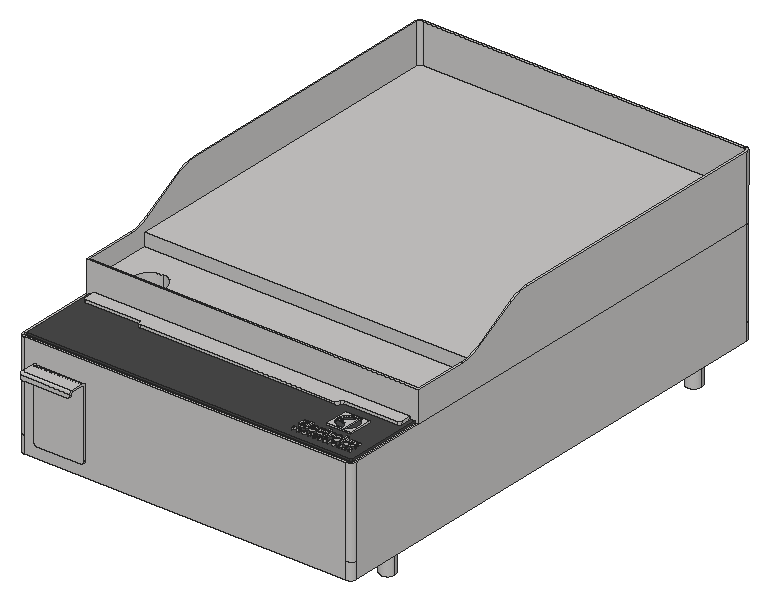
Revit family "QF_ELECTROLUXPROFESSIONAL_600886_E1IREEOMCS", category Specialty Equipment, Revit 2018 (continued)
Automatic sketch dimensions
  curve 250 to curve 250 = 0.8 mm
  curve 266 to curve 270 = 1.202 mm
  curve 255 to curve 259 = 1.202 mm
  curve 255 to curve 257 = 0.112 mm
  curve 266 to curve 268 = 0.112 mm
  curve 292 to curve 301 = 1.265 mm
  curve 209 to curve 210 = 0.543 mm
  curve 219 to curve 223 = 0.018 mm
  curve 210 to curve 206 = 0.022 mm
  curve 290 to curve 285 = 1.444 mm
  curve 248 to curve 247 = 0.8 mm
  curve 236 to curve 233 = 0.8 mm
  curve 227 to curve 219 = 0.261 mm
  curve 282 to curve 281 = 1.969 mm
  curve 258 to curve 259 = 0.061 mm
  curve 269 to curve 270 = 0.061 mm
  curve 258 to curve 256 = 0.035 mm
  curve 269 to curve 267 = 0.035 mm
  curve 300 to curve 301 = 1.018 mm
  curve 247 to curve 245 = 0.8 mm
  curve 234 to curve 231 = 0.8 mm
  curve 284 to curve 289 = 1.076 mm
  curve 244 to curve 244 = 0.134 mm
  curve 244 to curve 240 = 0.112 mm
  curve 253 to curve 260 = 0.324 mm
  curve 264 to curve 271 = 0.324 mm
  curve 300 to curve 295 = 0.767 mm
  curve 307 to curve 306 = 3.091 mm
  curve 278 to curve 274 = 1.922 mm
  curve 231 to curve 229 = 1.491 mm
  curve 218 to curve 218 = 1.661 mm
  curve 214 to curve 213 = 1.341 mm
  curve 305 to curve 305 = 0.8 mm
  curve 284 to curve 282 = 2.447 mm
  curve 289 to curve 285 = 1.371 mm
  curve 204 to curve 202 = 1.319 mm
  curve 295 to curve 298 = 0.84 mm
  curve 294 to curve 292 = 0.84 mm
  curve 252 to curve 254 = 3.506 mm
  curve 263 to curve 265 = 3.506 mm
  curve 278 to curve 278 = 2.065 mm
  curve 278 to curve 281 = 0.776 mm
  curve 171 to curve 167 = 1.19 mm
  curve 166 to curve 169 = 1.912 mm
  curve 265 to curve 267 = 0.355 mm
  curve 263 to curve 272 = 0.263 mm
  curve 266 to curve 267 = 0 mm
  curve 253 to curve 256 = 0.355 mm
  curve 252 to curve 261 = 0.263 mm
  curve 255 to curve 256 = 0 mm
  curve 138 to curve 139 = 1.111 mm
  curve 227 to curve 225 = 2.065 mm
  curve 227 to curve 226 = 0.776 mm
  curve 139 to curve 132 = 1.055 mm
  plane 12 to curve 36 = 84 mm
  curve 310 to curve 309 = 19 mm
  plane 12 to curve 311 = 2 mm
  plane 13 to curve 312 = 6 mm
  curve 312 to curve 312 = 22 mm
  curve 313 to curve 312 = 60 mm
  Extrusion 11 sketch curve to Extrusion 11 sketch curve = 80 mm
  plane 19 to Extrusion 11 sketch curve = 38 mm
  radius of Extrusion 5 sketch curve = 9 mm  (x4)
  radius of Extrusion 6 sketch curve = 10 mm
  radius of Extrusion 14 sketch curve = 19 mm
Nested families
  nested 1: "ELX_Logo_Professional" at (-364.269, -185.263, 916), visible <- "Show Logo", type "ELX_Logo_Professional"
Connectors
  electrical at (-442.269, 179.737, 778.028)
    settings: on Extrusion 6, index 1, voltage 0 V, apparent load 0 VA, apparent load phase1 0 VA, apparent load phase2 0 VA, apparent load phase3 0 VA, power factor 1, load classification "Altro", number of poles 1, system type 30, power factor state 1, is connector primary yes, connector utility no, sub classification motor no, connector description "Electrical"
Definition of nested family "ELX_Logo_Professional"
  Parameters (values of type "ELX_Logo_Professional")
    Default Elevation = 0 mm
  Reference planes
    plane 1 "Centro (Fronte/Retro)": y = 0
    plane 2: z = 0
    plane 3 "Centro (Sinistra/Destra)": x = 0
  Forms (mm)
    Extrusion 1, solid
      sketch origin (0, 0, 0) x (1, 0, 0) y (0, 1, 0)
        loop
          line (-1219.2, 1219.2) -> (-1219.2, -1219.2) -> (1219.2, -1219.2) -> (1219.2, 1219.2) -> (-1219.2, 1219.2)
      from 0 to -304.8
    Extrusion 2, solid
      sketch origin (-144.622, -1081.55, 0) x (-1, 0, 0) y (0, -1, 0)
        loop
          line (-130.265, -1113.361) -> (-130.265, -1084.645) -> (-158.979, -1084.645) -> (-158.979, -1113.361) -> (-130.265, -1113.361)
        loop
          arc (-146.24, -1106.937) -> (-147.076, -1109.166) -> (-147.324, -1111.534) r 9.395
          arc (-147.324, -1111.534) -> (-145.139, -1111.806) -> (-142.939, -1111.706) r 13.008
          line (-142.939, -1111.706) -> (-141.329, -1111.382) -> (-139.8, -1110.859) -> (-138.364, -1110.152) -> (-137.035, -1109.277) -> (-135.826, -1108.249) -> (-134.751, -1107.081) -> (-133.821, -1105.789) -> (-133.05, -1104.389) -> (-132.452, -1102.893) -> (-132.039, -1101.318) -> (-131.824, -1099.675) -> (-134.539, -1099.675) -> (-136.155, -1099.784) -> (-137.741, -1100.101) -> (-139.277, -1100.613) -> (-140.74, -1101.304) -> (-142.111, -1102.159) -> (-143.367, -1103.165) -> (-144.488, -1104.306) -> (-145.453, -1105.568) -> (-146.24, -1106.937)
        loop
          line (-148.67, -1086.844) -> (-150.173, -1087.464) -> (-151.57, -1088.253) -> (-152.847, -1089.196) -> (-153.992, -1090.281) -> (-154.994, -1091.494) -> (-155.841, -1092.821) -> (-156.519, -1094.25) -> (-157.018, -1095.766) -> (-157.324, -1097.357) -> (-157.427, -1099.009) -> (-157.315, -1100.685) -> (-156.998, -1102.296) -> (-156.488, -1103.827) -> (-155.799, -1105.265) -> (-154.946, -1106.596) -> (-153.94, -1107.806) -> (-152.796, -1108.882) -> (-151.528, -1109.81) -> (-150.148, -1110.576) -> (-148.67, -1111.167) -> (-148.67, -1086.844)
        loop
          arc (-147.323, -1086.473) -> (-147.041, -1088.83) -> (-146.239, -1091.065) r 10.532
          line (-146.239, -1091.065) -> (-145.452, -1092.432) -> (-144.488, -1093.693) -> (-143.367, -1094.833) -> (-142.111, -1095.838) -> (-140.741, -1096.693) -> (-139.278, -1097.383) -> (-137.743, -1097.894) -> (-136.157, -1098.211) -> (-134.541, -1098.32) -> (-131.822, -1098.32) -> (-131.976, -1096.81) -> (-132.312, -1095.353) -> (-132.818, -1093.961) -> (-133.481, -1092.644) -> (-134.291, -1091.416) -> (-135.235, -1090.288) -> (-136.302, -1089.272) -> (-137.48, -1088.379) -> (-138.757, -1087.622) -> (-140.121, -1087.012) -> (-141.56, -1086.561) -> (-143.063, -1086.281) -> (-144.633, -1086.183)
          arc (-144.633, -1086.183) -> (-145.985, -1086.264) -> (-147.323, -1086.473) r 14.39
        loop
          line (-111.329, -1069.559) -> (-111.329, -1071.073) -> (-116.048, -1071.073) -> (-116.048, -1072.896) -> (-111.328, -1072.896) -> (-111.328, -1075.549) -> (-116.349, -1075.549) -> (-116.349, -1077.368) -> (-109.396, -1077.368) -> (-109.396, -1073.46) -> (-109.396, -1069.659)
          arc (-109.396, -1069.659) -> (-110.425, -1067.175) -> (-112.909, -1066.146) r 3.513
          line (-112.909, -1066.146) -> (-116.483, -1066.146) -> (-116.483, -1067.963) -> (-112.925, -1067.963)
          arc (-112.925, -1067.963) -> (-111.797, -1068.431) -> (-111.329, -1069.559) r 1.596
        loop
          line (-119.79, -1077.358) -> (-117.856, -1077.358) -> (-117.856, -1072.053) -> (-117.856, -1066.132) -> (-119.79, -1066.132) -> (-119.79, -1072.092) -> (-119.79, -1077.358)
        loop
          line (-122.986, -1069.718) -> (-129.327, -1069.718)
          arc (-129.327, -1069.718) -> (-129.219, -1071.449) -> (-128.497, -1073.026) r 4.757
          arc (-128.497, -1073.026) -> (-125.237, -1074.5) -> (-121.978, -1073.026) r 4.34
          arc (-121.978, -1073.026) -> (-121.072, -1070.207) -> (-121.978, -1067.388) r 4.838
          arc (-121.978, -1067.388) -> (-125.393, -1065.933) -> (-128.809, -1067.388) r 4.737
          line (-128.809, -1067.388) -> (-127.645, -1068.52)
          arc (-127.645, -1068.52) -> (-125.509, -1067.576) -> (-123.374, -1068.52) r 2.888
          arc (-123.374, -1068.52) -> (-123.05, -1069.077) -> (-122.986, -1069.718) r 1.527
        loop
          arc (-127.386, -1071.076) -> (-126.67, -1072.331) -> (-125.331, -1072.872) r 2.201
          arc (-125.331, -1072.872) -> (-123.848, -1072.402) -> (-123.033, -1071.076) r 2.23
          line (-123.033, -1071.076) -> (-127.386, -1071.076)
        loop
          line (-136.862, -1071.886) -> (-138.059, -1073.132)
          arc (-138.059, -1073.132) -> (-130.327, -1070.219) -> (-138.059, -1067.306) r 4.415
          line (-138.059, -1067.306) -> (-136.862, -1068.553)
          arc (-136.862, -1068.553) -> (-132.252, -1070.22) -> (-136.862, -1071.886) r 2.606
        loop
          line (-141.192, -1069.673) -> (-141.192, -1072.494) -> (-142.951, -1072.494) -> (-142.951, -1074.25) -> (-141.195, -1074.25) -> (-141.195, -1077.358) -> (-139.262, -1077.358) -> (-139.262, -1073.332) -> (-139.262, -1069.514)
          arc (-139.262, -1069.514) -> (-140.299, -1066.92) -> (-142.98, -1066.132) r 3.196
          line (-142.98, -1066.132) -> (-142.987, -1067.949)
          arc (-142.987, -1067.949) -> (-141.652, -1068.356) -> (-141.192, -1069.673) r 1.542
        loop
          line (-146.494, -1073.042) -> (-146.494, -1074.25) -> (-144.576, -1074.25) -> (-144.576, -1070.271) -> (-144.576, -1066.132) -> (-146.494, -1066.132) -> (-146.494, -1070.401)
          arc (-146.494, -1070.401) -> (-147.446, -1072.228) -> (-149.489, -1072.494) r 2.229
          line (-149.489, -1072.494) -> (-149.489, -1074.362)
          arc (-149.489, -1074.362) -> (-147.761, -1074.226) -> (-146.494, -1073.042) r 2.627
        loop
          line (-159.833, -1072.246) -> (-159.833, -1066.131) -> (-161.767, -1066.131) -> (-161.767, -1072.17) -> (-161.767, -1077.359) -> (-159.833, -1077.359) -> (-159.833, -1072.246)
        loop
          line (-165.194, -1069.514) -> (-165.194, -1074.25) -> (-163.245, -1074.25) -> (-163.245, -1071.898) -> (-163.245, -1069.098)
          arc (-163.245, -1069.098) -> (-166.96, -1065.769) -> (-170.687, -1069.085) r 3.745
          line (-170.687, -1069.085) -> (-170.687, -1071.898) -> (-170.687, -1074.25) -> (-168.739, -1074.25) -> (-168.739, -1069.514)
          arc (-168.739, -1069.514) -> (-166.967, -1067.742) -> (-165.194, -1069.514) r 1.772
        loop
          line (-174.654, -1070.416) -> (-172.975, -1068.078) -> (-171.578, -1066.131) -> (-173.656, -1066.131) -> (-175.717, -1068.999) -> (-177.779, -1066.131) -> (-179.857, -1066.131) -> (-178, -1068.728) -> (-176.781, -1070.433) -> (-178.29, -1072.488) -> (-179.583, -1074.25) -> (-177.473, -1074.25) -> (-175.717, -1071.818) -> (-173.945, -1074.25) -> (-171.852, -1074.25) -> (-173.052, -1072.608) -> (-174.654, -1070.416)
        loop
          circle (-154.223, -1070.188) r 2.508
        loop
          circle (-154.223, -1070.188) r 4.42
        loop
          line (-110.224, -1058.542) -> (-111.194, -1058.542)
          arc (-111.194, -1058.542) -> (-112.217, -1059.95) -> (-110.924, -1061.114) r 1.3
          line (-110.924, -1061.114) -> (-109.424, -1061.114) -> (-109.424, -1057.223) -> (-110.224, -1057.223) -> (-110.224, -1058.542)
        loop
          line (-110.224, -1060.379) -> (-110.224, -1059.293) -> (-111.03, -1059.293)
          arc (-111.03, -1059.293) -> (-111.43, -1059.836) -> (-111.03, -1060.379) r 0.569
          line (-111.03, -1060.379) -> (-110.224, -1060.379)
        loop
          line (-116.302, -1058.564) -> (-117.128, -1058.564) -> (-117.934, -1057.223) -> (-118.841, -1057.223) -> (-117.833, -1058.884)
          arc (-117.833, -1058.884) -> (-118.214, -1060.282) -> (-117.028, -1061.114) r 1.26
          line (-117.028, -1061.114) -> (-115.503, -1061.114) -> (-115.503, -1057.223) -> (-116.302, -1057.223) -> (-116.302, -1058.564)
        loop
          line (-116.302, -1060.379) -> (-116.302, -1059.293) -> (-117.109, -1059.293)
          arc (-117.109, -1059.293) -> (-117.508, -1059.836) -> (-117.109, -1060.379) r 0.569
          line (-117.109, -1060.379) -> (-116.302, -1060.379)
        loop
          line (-128.923, -1057.223) -> (-129.723, -1057.223) -> (-129.723, -1058.714) -> (-131.187, -1058.714) -> (-131.187, -1059.514) -> (-129.723, -1059.514) -> (-129.723, -1060.314) -> (-131.327, -1060.314) -> (-131.327, -1061.114) -> (-128.923, -1061.114) -> (-128.923, -1057.223)
        loop
          arc (-134.628, -1058.469) -> (-134.992, -1057.588) -> (-135.874, -1057.223) r 1.246
          line (-135.874, -1057.223) -> (-137.13, -1057.223) -> (-137.13, -1058.023) -> (-135.969, -1058.023)
          arc (-135.969, -1058.023) -> (-135.53, -1058.237) -> (-135.427, -1058.714) r 0.558
          line (-135.427, -1058.714) -> (-136.984, -1058.714) -> (-136.984, -1059.514) -> (-135.427, -1059.514) -> (-135.427, -1060.314) -> (-137.092, -1060.314) -> (-137.092, -1061.114) -> (-134.628, -1061.114) -> (-134.628, -1058.469)
        loop
          line (-152.3, -1057.223) -> (-153.1, -1057.223) -> (-153.1, -1061.114) -> (-152.3, -1061.114) -> (-152.3, -1057.223)
        loop
          line (-164.67, -1057.223) -> (-164.67, -1059.67) -> (-166.45, -1057.223) -> (-167.25, -1057.223) -> (-167.25, -1061.114) -> (-166.42, -1061.114) -> (-166.42, -1058.594) -> (-164.64, -1061.114) -> (-163.84, -1061.114) -> (-163.84, -1057.223) -> (-164.67, -1057.223)
        loop
          line (-170.403, -1057.223) -> (-171.262, -1057.223) -> (-171.641, -1058.063) -> (-173.08, -1058.063) -> (-173.459, -1057.223) -> (-174.317, -1057.223) -> (-172.796, -1061.113) -> (-171.996, -1061.113) -> (-170.403, -1057.223)
        loop
          line (-177.493, -1057.223) -> (-179.789, -1057.223) -> (-179.789, -1058.023) -> (-178.293, -1058.023) -> (-178.293, -1061.114) -> (-177.493, -1061.114) -> (-177.493, -1057.223)
        loop
          line (-172.362, -1059.848) -> (-171.945, -1058.83) -> (-172.76, -1058.83) -> (-172.362, -1059.848)
        loop
          circle (-158.484, -1059.145) r 1.288
        loop
          circle (-158.484, -1059.145) r 2.065
        loop
          arc (-146.04, -1058.095) -> (-146.933, -1057.275) -> (-148.145, -1057.245) r 1.725
          arc (-148.145, -1057.245) -> (-148.965, -1058.02) -> (-148.68, -1059.111) r 1.107
          arc (-148.68, -1059.111) -> (-148.103, -1059.465) -> (-147.486, -1059.746) r 5.523
          arc (-147.486, -1059.746) -> (-147.147, -1060.262) -> (-147.708, -1060.52) r 0.407
          arc (-147.708, -1060.52) -> (-148.045, -1060.315) -> (-148.325, -1060.038) r 1.702
          line (-148.325, -1060.038) -> (-149.011, -1060.45)
          arc (-149.011, -1060.45) -> (-148.578, -1060.911) -> (-148.043, -1061.247) r 2.463
          arc (-148.043, -1061.247) -> (-146.373, -1060.466) -> (-147.42, -1058.949) r 1.207
          spline (-147.42, -1058.949) -> (-147.716, -1058.809) -> (-147.932, -1058.678) -> (-148.077, -1058.557) -> (-148.163, -1058.446) -> (-148.198, -1058.347) -> (-148.192, -1058.258) -> (-148.157, -1058.182) -> (-148.102, -1058.118) -> (-148.037, -1058.068) -> (-147.972, -1058.031) -> (-147.917, -1058.008) -> (-147.883, -1058)
          arc (-147.883, -1058) -> (-147.238, -1058.014) -> (-146.759, -1058.446) r 0.925
          line (-146.759, -1058.446) -> (-146.04, -1058.095)
        loop
          arc (-140.18, -1058.095) -> (-141.073, -1057.275) -> (-142.285, -1057.245) r 1.725
          arc (-142.285, -1057.245) -> (-143.106, -1058.02) -> (-142.821, -1059.111) r 1.107
          arc (-142.821, -1059.111) -> (-142.243, -1059.465) -> (-141.627, -1059.746) r 5.523
          arc (-141.627, -1059.746) -> (-141.287, -1060.262) -> (-141.849, -1060.52) r 0.407
          arc (-141.849, -1060.52) -> (-142.185, -1060.315) -> (-142.466, -1060.038) r 1.702
          line (-142.466, -1060.038) -> (-143.151, -1060.45)
          arc (-143.151, -1060.45) -> (-142.719, -1060.911) -> (-142.183, -1061.247) r 2.463
          arc (-142.183, -1061.247) -> (-140.513, -1060.466) -> (-141.56, -1058.949) r 1.207
          spline (-141.56, -1058.949) -> (-141.856, -1058.809) -> (-142.072, -1058.678) -> (-142.218, -1058.557) -> (-142.303, -1058.446) -> (-142.338, -1058.347) -> (-142.333, -1058.258) -> (-142.298, -1058.182) -> (-142.242, -1058.118) -> (-142.177, -1058.068) -> (-142.112, -1058.031) -> (-142.057, -1058.008) -> (-142.023, -1058)
          arc (-142.023, -1058) -> (-141.378, -1058.014) -> (-140.9, -1058.446) r 0.925
          line (-140.9, -1058.446) -> (-140.18, -1058.095)
        loop
          circle (-123.484, -1059.145) r 1.288
        loop
          circle (-123.484, -1059.145) r 2.065
      from 0 to 1.6
  Dimensions and locks
    aligned and locked: plane 2 to Extrusion 1
    aligned and locked: level to Extrusion 1
Types (2, lengths in mm): name | URL | Manufacturer | Phase | Model | Description
  (no name) | 0 | 0 | 0 | 0 | 0
  Standard | "http://professional.electrolux.com" | "Electrolux Professional" | 1 | "E1IREEOMCS" | "PLUG-IN INDUCTION GRIDDLE, STAINLESS STEEL SMOOTH PLATE"
